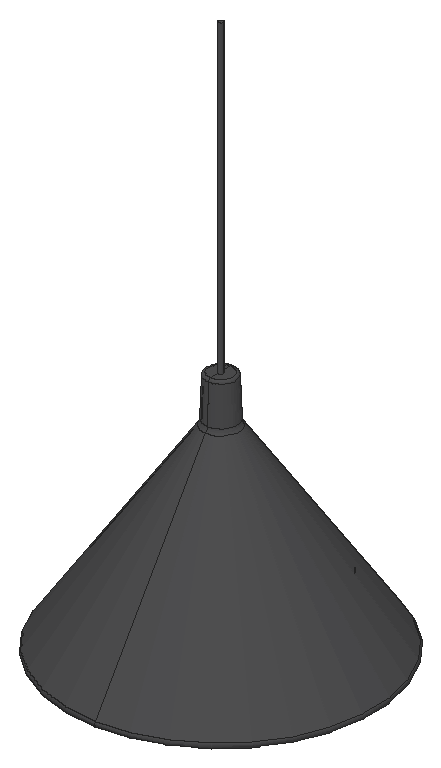
Revit family "Lighting_Pendants_Zero_Lumo-Pendant", category Lighting Fixtures, Revit 2020
Family settings
  Round Connector Dimension = Use Diameter
  Part Type = Normal
  OmniClass Number = 23.80.70.00
  OmniClass Title = Lighting
  Work Plane-Based = No
  Always vertical = Yes
  Cut with Voids When Loaded = No
  Light Source = No
  Shared = No
  Room Calculation Point = No
Parameters (values of type "Lumo Pendant - Black 10W/830LM On/Off")
  WarrantyStartDate [instance] = "n/a"
  WarrantyGuarantorParts = "n/a"
  WarrantyGuarantorLabor = "n/a"
  WarrantyDurationUnit = "n/a"
  WarrantyDurationParts = "n/a"
  WarrantyDurationLabor = "n/a"
  WarrantyDescription = "n/a"
  VersionDate = "31/08/2023"  # constant formula
  Version = "2"  # constant formula
  Uniclass2015Reference = "Pr_70_70_48_46"
  Uniclass2015Description = "Light-emitting diode (LED) luminaires"
  Uniclass2 = "Pr_70_70_49_43"
  URL = "https://www.zerolighting.com/pendants#/lumo-pendant-inompe"
  TotalWattage = 10 W
  TagNumber [instance] = "n/a"
  SustainabilityPerformance = "n/a"
  Size = "250x250x200 mm"
  Shape = "Sculptured"
  SerialNumber [instance] = "n/a"
  Revision = "1"  # constant formula
  ReplacementCost = "n/a"
  ProductInformation = "n/a"
  ProductDatasheet = "https://www.zerolighting.com/s/Lumo-pendel-pj84.pdf"
  NumberOfSources = 0
  NumberOfPoles = 1
  NominalWidth = 250 mm
  NominalVoltageCalc = 230 V
  NominalVoltage = 230 V
  NominalLength = 250 mm
  NominalHeight = 199.498 mm
  NominalFrequencyRange = 50 Hz
  Name = "Zero_Lumo-Pendant"
  NBSReference = "90-60-50/405"
  NBSDescription = "General purpose luminaires"
  ModelReference = "n/a"
  ModelNumber = "12130106-30"
  Model = "Lumo Pendant"
  Material = "Aluminium&Steel"
  ManufacturersSpecificInformation = "n/a"
  ManufacturerURL = "https://www.zerolighting.com/"
  ManufacturerName = "Zero"
  Manufacturer = "Zero"
  LightType [instance] = Lumo_Pendant_Single : Lumo_Pendant_Single
  LightFixturePlacingType = "Ceilling"
  LightFixtureMountingType = "Suspended"
  LightFixtureMainMaterial = Black RAL 9005
  LensMaterial = Mat Acrylic
  InsulationStandardClass = "n/a"
  InstallationDate [instance] = "n/a"
  IfcExportType = "NOTDEFINED"  # constant formula
  IfcExportAs = "IfcLightFixtureType"  # constant formula
  IP_Code = "IP 20"
  HasProtectiveEarth = no
  Grade = "n/a"
  Finish = "Painted die-cast aluminum in black RAL 9005, orange RAL 3022, grey RAL 7030, green RAL 6011, grey brown RAL 7006. Diffuser in matt acrylic. Can be ordered with diffuser in microprisma."
  Features = "LED info: System power: 10W. Luminaire Luminous Flux: 830LM. CCT 3000K. SDCM 3. CRI 90. L70/55000H. Alternative including dimmable GU10 LED lightsource 4,9W or 6,2W.\r\nInstallation: Suspended from ceiling 2,5 m cable. Including cable-cup.\r\nConnection: Terminalblock 3x4 mm2. When DALI 5x4mm2."
  ExpectedLife = "50.000h"
  ElectricalDeviceNominalPower = 10
  DurationUnit = "Hours"
  Designer = "Thomas Bernstrand 2022"
  DefaultElevation = 0 mm
  Default Elevation = 0 mm
  Constituents = "n/a"
  Color = "Various"
  Collection = "Lumo"
  CodePerformance = "n/a"
  Category = "Luminaires"
  CableLengthControl [instance] = if(CableLength < 100 mm, 100 mm, if(CableLength > 2500 mm, 2500 mm, CableLength))  # 250 mm
  CableLength [instance] = 250 mm
  Brand = "Zero"
  Barcode [instance] = "n/a"
  BIMObjectName = "Lighting_Pendants_Zero_Lumo-Pendant"  # constant formula
  Author = "BIMStone"  # constant formula
  AssetType = "Fixed"
  AssetIdentifier [instance] = "n/a"
  Article Number = ModelNumber  # "12130106-30"
  AccessibilityPerformance = "n/a"
Types (10, lengths in mm): name | ModelNumber | LightFixtureMainMaterial | CableLengthControl | CableLength | Article Number
  Lumo Pendant - Black 10W/830LM On/Off | "12130106-30" | Black RAL 9005 | 250 | 250 | "12130106-30"
  Lumo Pendant - Black 10W/830LM DALI | "12130106D30" | Black RAL 9005 | 100 | 0 | "12130106D30"
  Lumo Pendant - Grey 10W/830LM On/Off | "12130111-30" | Grey RAL 7030 | 100 | 0 | "12130111-30"
  Lumo Pendant - Grey 10W/830LM DALI | "12130111D30" | Grey RAL 7030 | 100 | 0 | "12130111D30"
  Lumo Pendant - Green 10W/830LM On/Off | "12130112-30" | Green RAL 6017 | 100 | 0 | "12130112-30"
  Lumo Pendant - Green 10W/830LM DALI | "12130112D30" | Green RAL 6017 | 100 | 0 | "12130112D30"
  Lumo Pendant - Orange 10W/830LM On/Off | "12130141-30" | Orange RAL 3022 | 100 | 0 | "12130141-30"
  Lumo Pendant - Orange 10W/830LM DALI | "12130141D30" | Orange RAL 3022 | 100 | 0 | "12130141D30"
  Lumo Pendant - Grey brown 10W/830LM On/Off | "12130166-30" | Grey brown RAL 7006 | 100 | 0 | "12130166-30"
  Lumo Pendant - Grey brown 10W/830LM DALI | "12130166D30" | Grey brown RAL 7006 | 100 | 0 | "12130166D30"
Reference planes
  plane 1 "Light Source Axis (F/B)": y = 0
  plane 2: z = 0
  plane 3 "Light Source Axis (L/R)": x = 0
  plane 4 "Light Source Elevation": z = 0
  plane 5: x = -125
  plane 6: x = 125
  plane 7: y = 125
  plane 8: y = -125
  plane 9: z = 199.498
Dimensions and locks
  equal spacing: plane 5, plane 3 "Light Source Axis (L/R)", plane 6
  "NominalWidth": plane 5 to plane 6
  equal spacing: plane 7, plane 1 "Light Source Axis (F/B)", plane 8
  "NominalLength": plane 7 to plane 8
  "NominalHeight": plane 9 to plane 4 "Light Source Elevation"
  aligned and locked: level to plane 2
  aligned and locked: plane 3 "Light Source Axis (L/R)" to nested 1
  aligned and locked: plane 1 "Light Source Axis (F/B)" to nested 1
Nested families
  nested 1: "Lumo_Pendant_Single" at (0, 0, 0), Body <- "LightFixtureMainMaterial", Glass <- "LensMaterial", type <- "LightType", Cable <- "LightFixtureMainMaterial", CableLenghtControl <- "CableLengthControl", type "Lumo_Pendant_Single"
    with Glass Mat Acrylic, CableLenghtControl 250 mm, Cable Black RAL 9005, Body Black RAL 9005
Connectors
  electrical at (0, 0, 199.498)
    settings: on plane 9, index 1, voltage 0 V, apparent load 0 VA, apparent load phase1 0 VA, apparent load phase2 0 VA, apparent load phase3 0 VA, power factor 1, load classification "Other", number of poles 1, system type 31, power factor state 1, is connector primary yes, connector utility no, sub classification motor no, connector description ""
Definition of nested family "Lumo_Pendant_Single"
  Parameters (values of type "Lumo_Pendant_Single")
    Glass [instance] = none
    Default Elevation = 0 mm
    CableLenghtControl [instance] = 250 mm
    Cable [instance] = none
    Body [instance] = none
  Reference planes
    plane 1 "Center (Front/Back)": y = 0
    plane 2: z = 0
    plane 3 "Center (Left/Right)": x = 0
    plane 4: x = -125
    plane 5: x = 125
    plane 6: y = 125
    plane 7: y = -125
    plane 8: z = 199.498
  Forms (mm)
    Extrusion 1, solid, material <- "Body", detail levels coarse
      sketch origin (0, 0, 0) x (1, 0, 0) y (0, 1, 0)
        loop
          line (-125, 125) -> (-125, -125.073) -> (125, -125.073) -> (125, 125) -> (-125, 125)
      from 0 to 199.498
  Dimensions and locks
    aligned and locked: level to plane 2
  Nested families
    nested 1: "Lumo_Pendant" at (0, 0, 0) x (-1, 0, 0) z (0, 0, 1), Body <- "Body", Glass <- "Glass", Cable <- "Cable", CableLenghtControl <- "CableLenghtControl", type "Lumo_Pendant"
      with Glass none, Body none
  Definition of nested family "Lumo_Pendant"
    Parameters (values of type "Lumo_Pendant")
      Wattage = 10.6506 W
      built-in parameter 1150110 = 1 (stored number, unit not read)
      built-in parameter 1114217 = 1 (stored number, unit not read)
      Tilt Angle = 90.00°
      built-in parameter 1150109 = 1 (stored number, unit not read)
      built-in parameter 1150134 = (empty or 0)
      built-in parameter 1150113 = 1 (stored number, unit not read)
      Photometric Web File = "Lumo-12130-12132.IES"
      built-in parameter 1150105 = 474.88 (stored number, unit not read)
      Lumens = 830 lm
      built-in parameter 1150115 = 1 (stored number, unit not read)
      built-in parameter 1150137 = (empty or 0)
      built-in parameter 1150139 = (empty or 0)
      built-in parameter 1150112 = 1 (stored number, unit not read)
      built-in parameter 1150114 = 1 (stored number, unit not read)
      built-in parameter 1150132 = 2
      built-in parameter 1150102 = (empty or 0)
      built-in parameter 1150107 = 3000 (stored number, unit not read)
      built-in parameter 1150138 = (empty or 0)
      built-in parameter 1150106 = 4.7488 (stored number, unit not read)
      Glass [instance] = none
      Emit from Circle Diameter = 250 mm
      Emit Shape Visible in Rendering = no
      built-in parameter 1150104 = 7.2399 (stored number, unit not read)
      Dimming Lamp Color Temperature Shift = (empty or 0)
      Default Elevation = 0 mm
      Color Filter = 16777215
      CableLenghtControl [instance] = 250 mm
      Cable [instance] = none
      Body [instance] = none
      built-in parameter 1114218 = 1 (stored number, unit not read)
      built-in parameter 1150133 = 10 (stored number, unit not read)
    Reference planes
      plane 1 "Center (Front/Back)": y = 0
      plane 2: z = 0
      plane 3 "Center (Left/Right)": x = 0
      plane 4: y = 125
      plane 5: y = -125
      plane 6: x = -125
      plane 7: x = 125
      plane 8: z = 199.498
    Forms (mm)
      Revolve 1, solid, material <- "Body", detail levels medium+fine
        sketch origin (0, 0, 0.003) x (0, 1, 0) y (0, 0, 1)
          loop
            line (124.532, 4.715) -> (14.47, 162.232)
            arc (14.47, 162.232) -> (13.44, 164.279) -> (13.033, 166.535) r 8
            line (13.033, 166.535) -> (11.95, 197.564)
            arc (11.95, 197.564) -> (11.341, 198.933) -> (9.952, 199.494) r 2
            line (9.952, 199.494) -> (0, 199.494) -> (0, 198.494) -> (9.952, 198.494)
            arc (9.952, 198.494) -> (10.646, 198.214) -> (10.951, 197.529) r 1
            line (10.951, 197.529) -> (12.033, 166.5)
            arc (12.033, 166.5) -> (12.492, 163.962) -> (13.65, 161.659) r 9
            line (13.65, 161.659) -> (86.224, 57.794) -> (80.124, 57.794) -> (119.614, 1.278)
            arc (119.614, 1.278) -> (123.791, 0.538) -> (124.532, 4.715) r 3
          axis (0, 199.494) -> (0, 1.278)
        angle from 0 to 360
      Revolve 2, solid, material <- "Glass", detail levels medium+fine
        sketch origin (0, 0, 0) x (0, 1, 0) y (0, 0, 1)
          loop
            line (83.995, 57.794) -> (83.995, 59.994) -> (0, 59.994) -> (0, 57.794) -> (83.995, 57.794)
          axis (0, 59.994) -> (0, 57.794)
        angle from 0 to 360
      Extrusion 3, solid, material <- "Cable"
        sketch origin (-351, -1524, 199.498) x (-1, 0, 0) y (0, -1, 0)
          loop
            circle (-351, -1524) r 2
        from 0 to 250 <- "CableLenghtControl"
    Lines and regions (mm)
      Masking region 1, detail levels medium+fine
        outline origin (0, 0, 0) x (1, 0, 0) y (0, 0, 1)
          loop
            line (-11.95, 197.567) -> (-13.033, 166.538)
            arc (-13.033, 166.538) -> (-13.44, 164.283) -> (-14.47, 162.235) r 8
            line (-14.47, 162.235) -> (-124.532, 4.718)
            arc (-124.532, 4.718) -> (-124.733, 1.613) -> (-122.073, 0) r 3
            line (-122.073, 0) -> (0, 0) -> (122.073, 0)
            arc (122.073, 0) -> (124.733, 1.613) -> (124.532, 4.718) r 3
            line (124.532, 4.718) -> (14.47, 162.235)
            arc (14.47, 162.235) -> (13.44, 164.283) -> (13.033, 166.538) r 8
            line (13.033, 166.538) -> (11.95, 197.567)
            arc (11.95, 197.567) -> (11.341, 198.936) -> (9.952, 199.498) r 2
            line (9.952, 199.498) -> (0, 199.498) -> (-9.952, 199.498)
            arc (-9.952, 199.498) -> (-11.341, 198.936) -> (-11.95, 197.567) r 2
      Masking region 2, detail levels medium+fine
        outline origin (0, 0, 0) x (0, 1, 0) y (0, 0, 1)
          loop
            line (9.952, 199.498) -> (0, 199.498) -> (-9.952, 199.498)
            arc (-9.952, 199.498) -> (-11.341, 198.936) -> (-11.95, 197.567) r 2
            line (-11.95, 197.567) -> (-13.033, 166.538)
            arc (-13.033, 166.538) -> (-13.44, 164.283) -> (-14.47, 162.235) r 8
            line (-14.47, 162.235) -> (-124.532, 4.718)
            arc (-124.532, 4.718) -> (-124.733, 1.613) -> (-122.073, 0) r 3
            line (-122.073, 0) -> (0, 0) -> (122.073, 0)
            arc (122.073, 0) -> (124.733, 1.613) -> (124.532, 4.718) r 3
            line (124.532, 4.718) -> (14.47, 162.235)
            arc (14.47, 162.235) -> (13.44, 164.283) -> (13.033, 166.538) r 8
            line (13.033, 166.538) -> (11.95, 197.567)
            arc (11.95, 197.567) -> (11.341, 198.936) -> (9.952, 199.498) r 2
      symbolic lines, detail levels medium+fine
        curve 1: circle (0, 0, 0) r 125 normal (0, 0, 1)
        curve 2: line (0, 122.073, 0) -> (0, 0, 0)
        curve 3: line (0, 14.47, 162.235) -> (0, 124.532, 4.718)
        curve 4: arc (0, 124.532, 4.718) -> (0, 124.733, 1.613) -> (0, 122.073, 0) r 3
        curve 5: arc (0, 13.033, 166.538) -> (0, 13.44, 164.283) -> (0, 14.47, 162.235) r 8
        curve 6: line (0, 11.95, 197.567) -> (0, 13.033, 166.538)
        curve 7: arc (0, 9.952, 199.498) -> (0, 11.341, 198.936) -> (0, 11.95, 197.567) r 2
        curve 8: line (0, 9.952, 199.498) -> (0, 0, 199.498)
        curve 9: line (0, -122.073, 0) -> (0, 0, 0)
        curve 10: line (0, -14.47, 162.235) -> (0, -124.532, 4.718)
        curve 11: arc (0, -124.532, 4.718) -> (0, -124.733, 1.613) -> (0, -122.073, 0) r 3
        curve 12: arc (0, -13.033, 166.538) -> (0, -13.44, 164.283) -> (0, -14.47, 162.235) r 8
        curve 13: line (0, -11.95, 197.567) -> (0, -13.033, 166.538)
        curve 14: arc (0, -9.952, 199.498) -> (0, -11.341, 198.936) -> (0, -11.95, 197.567) r 2
        curve 15: line (0, -9.952, 199.498) -> (0, 0, 199.498)
        curve 16: line (9.952, 0, 199.498) -> (0, 0, 199.498)
        curve 17: arc (11.95, 0, 197.567) -> (11.341, 0, 198.936) -> (9.952, 0, 199.498) r 2
        curve 18: line (13.033, 0, 166.538) -> (11.95, 0, 197.567)
        curve 19: arc (14.47, 0, 162.235) -> (13.44, 0, 164.283) -> (13.033, 0, 166.538) r 8
        curve 20: line (124.532, 0, 4.718) -> (14.47, 0, 162.235)
        curve 21: arc (122.073, 0, 0) -> (124.733, 0, 1.613) -> (124.532, 0, 4.718) r 3
        curve 22: line (0, 0, 0) -> (122.073, 0, 0)
        curve 23: line (-9.952, 0, 199.498) -> (0, 0, 199.498)
        curve 24: arc (-11.95, 0, 197.567) -> (-11.341, 0, 198.936) -> (-9.952, 0, 199.498) r 2
        curve 25: line (-13.033, 0, 166.538) -> (-11.95, 0, 197.567)
        curve 26: arc (-14.47, 0, 162.235) -> (-13.44, 0, 164.283) -> (-13.033, 0, 166.538) r 8
        curve 27: line (-124.532, 0, 4.718) -> (-14.47, 0, 162.235)
        curve 28: arc (-122.073, 0, 0) -> (-124.733, 0, 1.613) -> (-124.532, 0, 4.718) r 3
        curve 29: line (0, 0, 0) -> (-122.073, 0, 0)
      symbolic lines, detail levels fine
        curve 30: circle (0, 0, 0) r 83.995 normal (0, 0, 1)
        curve 31: circle (0, 0, 0) r 122 normal (0, 0, 1)
      symbolic lines
        curve 32: line (2, 0, 449.498) -> (-2, 0, 449.498)
        curve 33: line (-2, 0, 449.498) -> (-2, 0, 199.498)
        curve 34: line (2, 0, 449.498) -> (2, 0, 199.498)
        curve 35: line (0, 2, 449.498) -> (0, -2, 449.498)
        curve 36: line (0, -2, 449.498) -> (0, -2, 199.498)
        curve 37: line (0, 2, 449.498) -> (0, 2, 199.498)
    Dimensions and locks
      aligned and locked: level to plane 2
      aligned and locked: curve 32 to Extrusion 3
      aligned and locked: curve 35 to Extrusion 3
